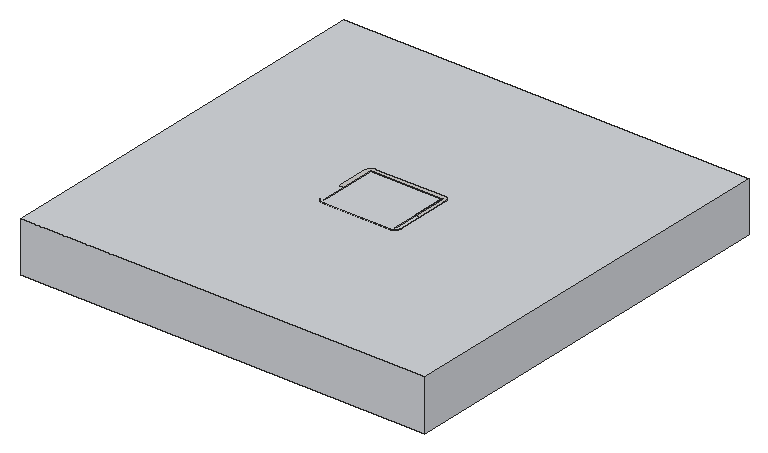
Revit family
Parameters (values of type "3673")
  Waste Connection = yes
  WFU = 0
  Voltage = 0
  Vent Connection = no
  URL = "http://www.neo-metro.com"
  Type Comments = ""
  Tempered Water Connection = no
  Revised Date = "12/13/11"
  Phone# = "626-336-4561"
  OF - Overflow Waste Outlet = no
  Model = "3673"
  Material = 14 gage, Type 304 stainless steel
  Manufacturer = "Neo-Metro"
  HWFU = 0
  HW Connection = no
  Designed By = "ATS BIM Team"
  Description = "Shallow Ebb Basin"
  Default Elevation = 0"
  CWFU = 0
  CW Connection = no
  Assembly Code = "D2010300"
  Amperage = 0
  3673-HP - Mira (high polish) = no
  3673-EG-22 - Black Matte Powdercoat = no
  3673-EG-10 - White Gloss Powdercoat = no
  3673 - Satin Shallow Ebb Basin = yes
Reference planes (in)
  plane 1 "Center (Front/Back)": y = 0
  plane 2: z = 0
  plane 3 "Center (Left/Right)": x = 0
  plane 4: z = -3.815
  plane 5: y = -1.04708
  plane 6: y = -8.3752
  plane 7: y = 0.89042
  plane 8: y = -2.82833
Forms (in)
  Extrusion 1, solid
    sketch origin (0, 0, 0) x (1, 0, 0) y (0, 1, 0)
      loop
        line (-48, 48) -> (-48, -48) -> (48, -48) -> (48, 48) -> (-48, 48)
    from 0 to -12
  Extrusion 2, solid, material "14 gage, Type 304 stainless steel" <- "Material"
    sketch origin (0, 7.6248, -0.0625) x (0, -1, 0) y (1, 0, 0)
      loop
        arc (16, 8) -> (15.56066, 9.06066) -> (14.5, 9.5) r 1.5
        line (14.5, 9.5) -> (1.5, 9.5)
        arc (1.5, 9.5) -> (0.43934, 9.06066) -> (0, 8) r 1.5
        line (0, 8) -> (0, -8)
        arc (0, -8) -> (0.43934, -9.06066) -> (1.5, -9.5) r 1.5
        line (1.5, -9.5) -> (14.5, -9.5)
        arc (14.5, -9.5) -> (15.56066, -9.06066) -> (16, -8) r 1.5
        line (16, -8) -> (16, 8)
      loop
        line (1.03125, -8.48437) -> (15, -8.48437) -> (15, 8.48438) -> (1.03125, 8.48438) -> (1.03125, -8.48437)
    from 0 to 0.0625
  Extrusion 3, solid, material "14 gage, Type 304 stainless steel" <- "Material"
    sketch origin (-0.1, 10.6248, -0.0625) x (0, 0, 1) y (0, -1, 0)
      loop
        line (0, 4) -> (0, 4.03125) -> (-1.72159, 4.03125) -> (-2.21875, 9.23709) -> (-2.21875, 13.42187) -> (-1.28125, 13.42187) -> (-1.28125, 10.38483) -> (0, 18) -> (-1.25, 10.75) -> (-1.25, 13.45312) -> (-2.25, 13.45312) -> (-2.25, 9.2356) -> (-1.75, 4) -> (0, 4)
    from -8.4 to 8.6
  Sweep 4, solid, material "14 gage, Type 304 stainless steel" <- "Material"
    path origin (0, 8.39088, -0.315) x (0, 0, 1) y (0, -1, 0)
      loop
        arc (-1.9975, 9.43796) -> (-3.05993, 8.99789) -> (-3.5, 7.93546) r 1.5025
        line (-3.5, 7.93546) -> (-3.5, 7.50046)
    profile origin (0, -1.04708, -2.3125) x (1, 0, 0) y (0, 1, 0)
      loop
        circle (0, 0) r 0.75
  Extrusion 5, solid, material "14 gage, Type 304 stainless steel" <- "Material"
    sketch origin (-0.11562, 0, -0.0625) x (0, 1, 0) y (0, 0, 1)
      loop
        line (-7.3752, 0) -> (-0.1252, -1.25) -> (-2.82833, -1.25) -> (-2.82833, -2.25) -> (1.3892, -2.25) -> (6.6248, -1.75) -> (6.6248, 0) -> (-7.3752, 0)
    from 8.6 to 8.61563
  Extrusion 6, solid, material "14 gage, Type 304 stainless steel" <- "Material"
    sketch origin (0.11563, 0, -0.0625) x (0, 1, 0) y (0, 0, -1)
      loop
        line (-7.3752, 0) -> (6.6248, 0) -> (6.6248, 1.75) -> (1.3892, 2.25) -> (-2.82833, 2.25) -> (-2.82833, 1.25) -> (-0.1252, 1.25) -> (-7.3752, 0)
    from 8.6 to 8.61563
Cuts and joins
  joined: Extrusion 2, Extrusion 3, Sweep 4, Extrusion 5, Extrusion 6
Dimensions and locks (in)
  Extrusion 2 to plane 4 = 3.815"
  plane 7 to plane 5 = 1 15/16"
  plane 5 to plane 6 = 7 21/64"
  plane 8 to plane 6 = 5 35/64"
  plane 5 to plane 8 = 1 25/32"
  aligned and locked: plane 2 to Extrusion 1
  aligned and locked: level to Extrusion 1
Connectors (in)
  piping at (0, 0.89042, -3.815)
    settings: on Sweep 4, index 1
